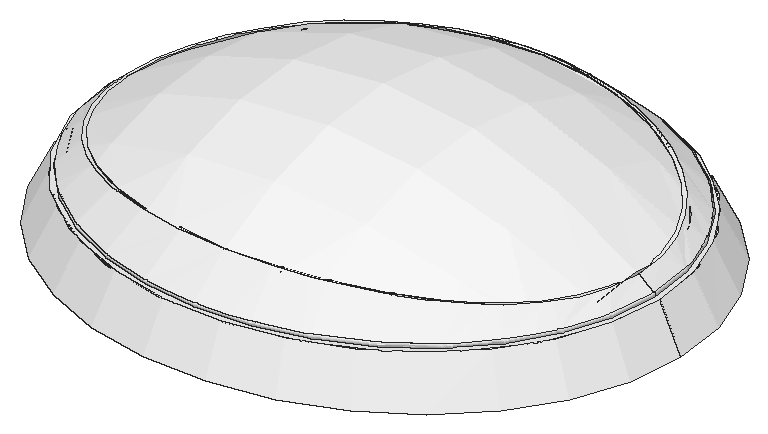
Revit family "4063812 Feilo Sylvania Lighting Fixtures BRIO IP65VR LED 4K EM SIL  G2", category Lighting Fixtures, host Face, Revit 2017
Family settings
  Host = Face
  Round Connector Dimension = Use Diameter
  Part Type = Normal
  OmniClass Number = 23.80.70.00
  OmniClass Title = Lighting
  Cut with Voids When Loaded = No
  Light Source = Yes
  Shared = No
  Room Calculation Point = No
Parameters (values of type "4063812 BRIO IP65VR LED 4K EM SIL  G2 High Output High Output")
  Weight = "3.2 kg"
  Wattage Comments = "n/a"
  Wattage = 19 W
  WarrantyStartDate [instance] = "n/a"
  WarrantyGuarantorParts = "n/a"
  WarrantyDurationUnit = "n/a"
  WarrantyDurationParts = "n/a"
  WarrantyDescription = "n/a"
  built-in parameter 1150110 = 1 (stored number, unit not read)
  Voltage = 230 V
  URL = "http://www.sylvania-lighting.com"
  TypeName = "BRIO IP65VR LED 4K EM SIL  G2"
  Type Image = <None>
  Type Comments = "n/a"
  built-in parameter 1114217 = 1 (stored number, unit not read)
  Tilt Angle = -90.00°
  built-in parameter 1150109 = 1 (stored number, unit not read)
  built-in parameter 1150134 = 12
  built-in parameter 1150113 = 1 (stored number, unit not read)
  SerialNumber [instance] = "n/a"
  ReflectorMaterial = none
  PowerFactor = 0.98
  PowerConsumption = "19 W"
  Photometric Web File = "4063812-EM.ies"
  NominalLength = 104 mm
  NominalHeight = 440 mm
  NominalDepth = 390 mm
  Name = "BRIO IP65VR LED 4K EM SIL  G2"
  ModelReference = Name  # "BRIO IP65VR LED 4K EM SIL  G2"
  ModelNumber = "4063812"
  Model = Name  # "BRIO IP65VR LED 4K EM SIL  G2"
  Material = "aluminium body, polycarbonate diffuser"
  ManufacturerName = "Feilo Sylvania"
  Manufacturer = "Feilo Sylvania"
  LuminousEfficacy = "72 lm/W"
  built-in parameter 1150105 = 108.86 (stored number, unit not read)
  Lumens = 1368 lm
  LuminaireType = ""
  built-in parameter 1150115 = 1 (stored number, unit not read)
  LightOutputRatio = "100"
  built-in parameter 1150137 = (empty or 0)
  built-in parameter 1150139 = (empty or 0)
  LampsType = Lamp  # "LED"
  LampNominalLuminous = "1371 lm"
  LampMacAdamStep = "n/a"
  LampColourTemperature = "4000 K"
  LampColourRenderingIndex = "80"
  built-in parameter 1150112 = 1 (stored number, unit not read)
  built-in parameter 1150114 = 1 (stored number, unit not read)
  Lamp = "LED"
  Keynote = "16500"
  InstallationDate [instance] = "n/a"
  InputVoltage = "230-240V~"
  InputNominalFrequency = "50/60 Hz"
  built-in parameter 1150132 = (empty or 0)
  built-in parameter 1150102 = (empty or 0)
  built-in parameter 1150107 = 4000 (stored number, unit not read)
  built-in parameter 1150138 = (empty or 0)
  IngressProtection = "IP65"
  ImpactProtectionIndex = "IK10"
  built-in parameter 1150106 = 1.0886 (stored number, unit not read)
  IfcExportType = "IfcLightFixtureType"
  IfcExportAs = "IfcLightFixtureType"
  ExpectedLife = 50000
  Emit from Circle Diameter = 300 mm
  Emit Shape Visible in Rendering = no
  ElectricShockClassification = "Class I"
  built-in parameter 1150104 = 6.689 (stored number, unit not read)
  DurationUnit = "hours"
  DocumentationLiterature = "http://www.sylvania-lighting.com/product/en-int/products/4063812"
  DimmingControlOptions = "n/a"
  Dimming Lamp Color Temperature Shift = <None>
  DiffuserMaterial = Diffuser-Sylvania-BrioIP65VR-Opal
  Description = "Led exterior bulkhead, Unique feature allowing a choice between High Output or High Efficiency with the flick of a switch, die-cast aluminium body, Vandal resistant, 717/1371LM, 9/17W, 80/81lm/W, 4000K, Driver Current: 350/750mA, CRI80, Non dimmable,Emergency,  IP55,IK10, 50,000hrs (L70), (HxWxD) 358 x 408 x 104mm,  3 step MacAdam ellipse, 3.2kg, RAL 9006, Class 1, 230V,  energy class: A++, A+, A"
  Default Elevation = 1219.2 mm
  CreatedOn = "23/11/2017"
  CreatedBy = ""
  Cost = 0
  Color Filter = 16777215
  built-in parameter 1114216 [instance] = (empty or 0)
  ClassificationValue = "EF_70_80"
  ClassificationName = "Uniclass2015"
  BodyMaterial = Body-Sylvania-BrioIP65VR-Silver
  BarCode [instance] = "n/a"
  built-in parameter 1114218 = 1 (stored number, unit not read)
  built-in parameter 1150133 = 10 (stored number, unit not read)
  AssetType = "Fixed"
  AssetIdentifier [instance] = "n/a"
  Assembly Code = "D5020200"
  Apparent Load = 19 VA
  AccessoryMaterial = none
Types (2, lengths in mm): name | Wattage | PowerConsumption | built-in parameter 1150105 | Lumens | LampNominalLuminous | built-in parameter 1150106 | Apparent Load
  4063812 BRIO IP65VR LED 4K EM SIL  G2 High Output High Output | 19 W | "19 W" | 108.86 (stored number, unit not read) | 1368 lm | "1371 lm" | 1.0886 (stored number, unit not read) | 19 VA
  4063812 BRIO IP65VR LED 4K EM SIL  G2 High Efficiency High Efficiency | 11 W | "11 W" | 63.025 (stored number, unit not read) | 792 lm | "717 lm" | 0.63025 (stored number, unit not read) | 11 VA
Reference planes
  plane 1 "Center (Front/Back)": y = 0
  plane 2: z = 0
  plane 3 "Center (Left/Right)": x = 0
  plane 4: x = 220
  plane 5: x = -220
  plane 6: y = 195
  plane 7: y = -195
  plane 8: z = 104
  plane 9: z = 32.5
  plane 10: z = 60
  plane 11: x = -172.7
  plane 12: x = -203.7
  plane 13: z = 45
  plane 14: y = -147.7
  plane 15: y = 147.7
  plane 16: z = 58.9
  plane 17: y = 146.8
  plane 18: y = -146.8
  plane 19: y = -148.7
  plane 20: y = 148.7
  plane 21: x = -193.7
Forms (mm)
  Blend 1, solid, material "Body-Sylvania-BrioIP65VR-Silver" <- "BodyMaterial"
    base sketch origin (0, 0, 0) x (1, 0, 0) y (0, 1, 0)
      loop
        spline (-220, 0) -> (-212.504, -50.47) -> (-190.526, -97.5) -> (-155.563, -137.886) -> (-110, -168.875) -> (-56.94, -188.356) -> (0, -195) -> (56.94, -188.356) -> (110, -168.875) -> (155.563, -137.886) -> (190.526, -97.5) -> (212.504, -50.47) -> (220, 0)
        spline (220, 0) -> (212.504, 50.47) -> (190.526, 97.5) -> (155.563, 137.886) -> (110, 168.875) -> (56.94, 188.356) -> (0, 195) -> (-56.94, 188.356) -> (-110, 168.875) -> (-155.563, 137.886) -> (-190.526, 97.5) -> (-212.504, 50.47) -> (-220, 0)
    top sketch origin (0, 0, 0) x (1, 0, 0) y (0, 1, 0)
      loop
        spline (-203.75, 0) -> (-196.807, -46.329) -> (-176.453, -89.5) -> (-144.073, -126.572) -> (-101.875, -155.019) -> (-52.734, -172.901) -> (0, -179) -> (52.734, -172.901) -> (101.875, -155.019) -> (144.073, -126.572) -> (176.453, -89.5) -> (196.807, -46.329) -> (203.75, 0)
        spline (203.75, 0) -> (196.807, 46.329) -> (176.453, 89.5) -> (144.073, 126.572) -> (101.875, 155.019) -> (52.734, 172.901) -> (0, 179) -> (-52.734, 172.901) -> (-101.875, 155.019) -> (-144.073, 126.572) -> (-176.453, 89.5) -> (-196.807, 46.329) -> (-203.75, 0)
    from 0 to 32.5
  Sweep 2, solid, material "Body-Sylvania-BrioIP65VR-Silver" <- "BodyMaterial"
    path in 3D
      loop
        spline (203.75, 0, 32.5) -> (196.807, -46.329, 32.5) -> (176.453, -89.5, 32.5) -> (144.073, -126.572, 32.5) -> (101.875, -155.019, 32.5) -> (52.734, -172.901, 32.5) -> (0, -179, 32.5) -> (-52.734, -172.901, 32.5) -> (-101.875, -155.019, 32.5) -> (-144.073, -126.572, 32.5) -> (-176.453, -89.5, 32.5) -> (-196.807, -46.329, 32.5) -> (-203.75, 0, 32.5)
        spline (-203.75, 0, 32.5) -> (-196.807, 46.329, 32.5) -> (-176.453, 89.5, 32.5) -> (-144.073, 126.572, 32.5) -> (-101.875, 155.019, 32.5) -> (-52.734, 172.901, 32.5) -> (0, 179, 32.5) -> (52.734, 172.901, 32.5) -> (101.875, 155.019, 32.5) -> (144.073, 126.572, 32.5) -> (176.453, 89.5, 32.5) -> (196.807, 46.329, 32.5) -> (203.75, 0, 32.5)
    profile origin (-203.75, 0, 32.5) x (-1, 0, 0) y (0, 0, 1)
      loop
        line (-31.05, 27.5) -> (-32.113, 26.437) -> (-10.05, 6.897) -> (-10.05, 1.5) -> (-31.05, 1.5) -> (-31.05, 0) -> (-5.172, 0)
        arc (-5.172, 0) -> (-3.338, 1.266) -> (-3.872, 3.429) r 1.961
        line (-3.872, 3.429) -> (-31.05, 27.5)
  Extrusion 3, void
    sketch origin (0, 0, 0) x (0, 1, 0) y (0, 0, 1)
      loop
        arc (-148.7, 60) -> (0, 45) -> (148.7, 60) r 744.556
        line (148.7, 60) -> (-148.7, 60)
    from -220 to 220
  Sweep 4, solid, material "Diffuser-Sylvania-BrioIP65VR-Opal" <- "DiffuserMaterial"
    path in 3D
      loop
        arc (0, 146.8, 58.9) -> (0, 0, 104) -> (0, -146.8, 58.9) r 261.466
    profile origin (0, 0, 104) x (0, 0, -1) y (1, 0, 0)
      loop
        line (59, -187.374) -> (61.459, -185.655)
        arc (61.459, -185.655) -> (3, 0) -> (61.459, 185.655) r 324.034
        line (61.459, 185.655) -> (59, 187.374)
        arc (59, 187.374) -> (0, 0) -> (59, -187.374) r 327.034
  Extrusion 5, void
    sketch origin (0, 0, 0) x (1, 0, 0) y (0, 1, 0)
      loop
        spline (-193.7, 0) -> (-187.1, -38.486) -> (-167.749, -74.35) -> (-136.967, -105.147) -> (-96.85, -128.778) -> (-50.133, -143.633) -> (0, -148.7) -> (50.133, -143.633) -> (96.85, -128.778) -> (136.967, -105.147) -> (167.749, -74.35) -> (187.1, -38.486) -> (193.7, 0)
        spline (193.7, 0) -> (187.1, 38.486) -> (167.749, 74.35) -> (136.967, 105.147) -> (96.85, 128.778) -> (50.133, 143.633) -> (0, 148.7) -> (-50.133, 143.633) -> (-96.85, 128.778) -> (-136.967, 105.147) -> (-167.749, 74.35) -> (-187.1, 38.486) -> (-193.7, 0)
      loop
        line (-203.7, 195) -> (-203.7, -195) -> (220, -195) -> (220, 195) -> (-203.7, 195)
    from 0 to 60
Cuts and joins
  Extrusion 3 cuts Sweep 2
  Extrusion 5 cuts Sweep 4
Lines and regions (mm)
  sketch lines
    curve 1: spline (-203.75, 0, 32.5) -> (-196.807, 46.329, 32.5) -> (-176.453, 89.5, 32.5) -> (-144.073, 126.572, 32.5) -> (-101.875, 155.019, 32.5) -> (-52.734, 172.901, 32.5) -> (0, 179, 32.5) -> (52.734, 172.901, 32.5) -> (101.875, 155.019, 32.5) -> (144.073, 126.572, 32.5) -> (176.453, 89.5, 32.5) -> (196.807, 46.329, 32.5) -> (203.75, 0, 32.5)
    curve 2: spline (203.75, 0, 32.5) -> (196.807, -46.329, 32.5) -> (176.453, -89.5, 32.5) -> (144.073, -126.572, 32.5) -> (101.875, -155.019, 32.5) -> (52.734, -172.901, 32.5) -> (0, -179, 32.5) -> (-52.734, -172.901, 32.5) -> (-101.875, -155.019, 32.5) -> (-144.073, -126.572, 32.5) -> (-176.453, -89.5, 32.5) -> (-196.807, -46.329, 32.5) -> (-203.75, 0, 32.5)
    curve 4: arc (0, 146.8, 58.9) -> (0, 0, 104) -> (0, -146.8, 58.9) r 261.466
  reference lines
    curve 3: arc (0, 146.8, 58.9) -> (0, 0, 104) -> (0, -146.8, 58.9) r 261.466
Dimensions and locks
  equal spacing: plane 5, plane 3 "Center (Left/Right)", plane 4
  locked: plane 5 to plane 4 at 440
  equal spacing: plane 7, plane 1 "Center (Front/Back)", plane 6
  locked: plane 7 to plane 6 at 390
  locked: plane 8 to plane 2 at 104
  plane 9 to plane 2 = 32.5 mm
  locked: Blend 1 sketch curve to Blend 1 sketch curve at 195
  locked: Blend 1 sketch curve to Blend 1 sketch curve at 220
  locked: Blend 1 sketch curve to Blend 1 sketch curve at 203.75
  locked: Blend 1 sketch curve to Blend 1 sketch curve at 179
  locked: plane 10 to plane 9 at 27.5
  locked: plane 12 to plane 5 at 16.3
  locked: plane 11 to plane 5 at 47.3
  locked: plane 10 to plane 13 at 15
  equal spacing: plane 14, plane 1 "Center (Front/Back)", plane 15
  locked: plane 7 to plane 14 at 47.3
  locked: Sweep 2 sketch curve to Sweep 2 sketch curve at 1.5
  locked: Sweep 2 sketch curve to plane 9 at 1.5
  locked: plane 16 to plane 10 at 1.1
  equal spacing: plane 18, plane 1 "Center (Front/Back)", plane 17
  locked: plane 14 to plane 18 at 0.9
  locked: plane 2 to curve 3 at 157.466
  equal spacing: plane 19, plane 1 "Center (Front/Back)", plane 20
  locked: plane 19 to plane 14 at 1
  locked: Extrusion 3 sketch curve to plane 2 at 789.556
  locked: plane 21 to plane 12 at 10
  aligned and locked: plane 2 to host face
  aligned and locked: level to host face
  aligned and locked: plane 3 "Center (Left/Right)" to Blend 1 sketch curve  (x2)
  aligned and locked: plane 1 "Center (Front/Back)" to Blend 1 sketch curve  (x4)
  aligned and locked: Blend 1 to plane 9
  aligned and locked: Sweep 2 sketch curve to profile plane
  aligned and locked: plane 4 to Extrusion 3
  aligned and locked: plane 10 to Sweep 2 sketch curve
  aligned and locked: plane 17 to curve 3
  aligned and locked: plane 16 to curve 3  (x2)
  aligned and locked: plane 18 to curve 3
  aligned and locked: plane 13 to Sweep 4 sketch curve
  aligned and locked: plane 10 to Extrusion 3 sketch curve
  aligned and locked: plane 20 to Extrusion 3 sketch curve
  aligned and locked: plane 19 to Extrusion 3 sketch curve
  aligned and locked: plane 1 "Center (Front/Back)" to Extrusion 3 sketch curve
  aligned and locked: Extrusion 3 to plane 5
  aligned and locked: imposter light to plane 8
  aligned and locked: plane 3 "Center (Left/Right)" to imposter light
  aligned and locked: imposter light to plane 1 "Center (Front/Back)"
  aligned and locked: plane 21 to Sweep 2 sketch curve
  aligned and locked: Sweep 2 sketch curve to plane 21
  aligned and locked: plane 3 "Center (Left/Right)" to Extrusion 5 sketch curve
  aligned and locked: plane 1 "Center (Front/Back)" to Extrusion 5 sketch curve  (x2)
  aligned and locked: plane 6 to Extrusion 5 sketch curve
  aligned and locked: Extrusion 5 sketch curve to plane 7
  aligned and locked: Extrusion 5 sketch curve to plane 4
  aligned and locked: plane 12 to Extrusion 5 sketch curve
  aligned and locked: Extrusion 5 to level
  aligned and locked: Extrusion 5 to plane 10
Automatic sketch dimensions
  host sketch curve to host sketch curve = 2438.4 mm  (x2)
  Sweep 4 sketch curve to Sweep 4 sketch curve = 0 mm  (x2)
  Sweep 4 sketch curve to profile plane = 0 mm
  Sweep 4 sketch curve to Sweep 4 sketch curve = 2.459 mm  (x2)
  Sweep 4 sketch curve to Sweep 4 sketch curve = 265.575 mm
  Sweep 4 sketch curve to profile plane = 185.655 mm
  Sweep 4 sketch curve to Sweep 4 sketch curve = 1.719 mm
  Sweep 4 sketch curve to profile plane = 59 mm
  Sweep 2 sketch curve to Sweep 2 sketch curve = 21 mm
  Sweep 2 sketch curve to Sweep 2 sketch curve = 0 mm
  profile plane to Sweep 2 sketch curve = 26.437 mm
  Sweep 2 sketch curve to Sweep 2 sketch curve = 1.063 mm
  profile plane to Sweep 2 sketch curve = 1.961 mm
  profile plane to Sweep 2 sketch curve = 3.429 mm
  Extrusion 5 sketch curve to plane 21 = 0 mm
Connectors
  electrical at (0, 0, 0), driven by "Apparent Load", driven by "PowerFactor", driven by "Voltage"
    settings: index 1, voltage 230 V, apparent load 19 VA, apparent load phase1 0 VA, apparent load phase2 0 VA, apparent load phase3 0 VA, power factor 0.98, load classification "Lighting", number of poles 1, system type 30, power factor state 1, is connector primary yes, connector utility no, sub classification motor no, connector description ""
